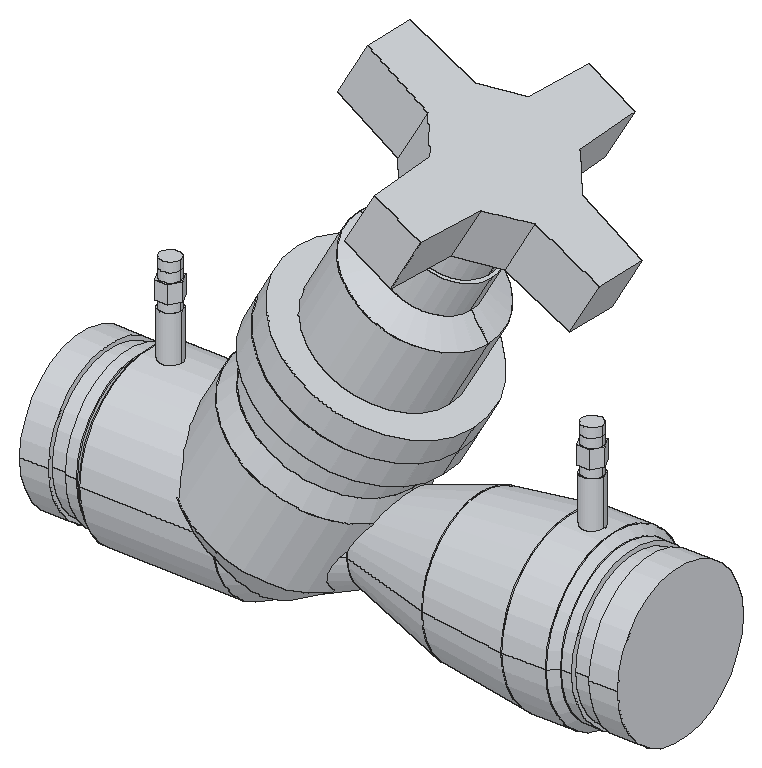
Revit family "447_d-DN065-RFA_2019", category Pipe Accessories, Revit 2019
Family settings
  Round Connector Dimension = Use Diameter
  Part Type = Valve - Breaks Into
  Work Plane-Based = No
  Always vertical = Yes
  Cut with Voids When Loaded = No
  Shared = No
Parameters (values of type "447_d-DN065")
  magiProductId = "356db372cd37496c9ff0d3ad255dc6"
  magiProductFamilyId = "eab8c084d85f47fc9aed3208e9defb"
  magiPartTypeId = 304
  isMeasuringValve [instance] = no
  ang2D [instance] = 0.00°
  W3 = 14.437 mm
  W2D = 100 mm
  W2 = 30.026 mm
  W1 = 12.736 mm
  VersionID = "2.0/2018.4.11.4/ZETKAMA_447_GROOVED_001"
  Use Minimum Symbol Size [instance] = yes
  URL = "www.hydronix.cz"
  Type Comments = "drážkový spoj; PN16; -10~+120°C;"
  R9 = 49.4 mm
  R8 = 20.9 mm
  R7 = 22.8 mm
  R6 = 45.6 mm
  R5 = 65 mm
  R4 = 20.9 mm
  R3 = 41.8 mm
  R2 = 36.1 mm
  R13 = 6.22 mm
  R12 = 4.868 mm
  R11 = 5.409 mm
  R1 = 38 mm
  R = 32.5 mm
  QmdConnectorList = "301;D;302;D"
  Productdata [instance] = ""
  Model = ""
  Manufacturer = "Hydronix"
  Maintenance Zone Under Depth [instance] = 38 mm
  Maintenance Zone Right Depth [instance] = 290 mm
  Maintenance Zone Over Depth [instance] = 220 mm
  Maintenance Zone Left Depth [instance] = 290 mm
  Maintenance Zone Front Depth [instance] = 130 mm
  Maintenance Zone Back Depth [instance] = 130 mm
  Maintenance Zone Front Visibility [instance] = no
  MC Product Code = "447 065 d (DN65; PN16 kvs83,3)"
  MC Piping Given Pressure Drop [instance] = 0.0 Pa
  L9 = 43.27 mm
  L8__ve = -L8  # -21.635 mm
  L8 = 21.635 mm
  L6 = 64.905 mm
  L5 = 4.143 mm
  L4__ve = -L4  # -5.524 mm
  L4 = 5.524 mm
  L3__ve = -L3  # -8.286 mm
  L3 = 8.286 mm
  L2__ve = -L2  # -13.81 mm
  L2D_Min = 3048 mm
  L2D = 350 mm
  L2 = 13.81 mm
  L13 = 10.817 mm
  L12 = 12.736 mm
  L11 = 14.437 mm
  L10 = 30.026 mm
  L1 = 145 mm
  KZ = 24.167 mm
  KL = 41.858 mm
  H9 = 5.774 mm
  H8 = 37.528 mm
  H7 = 14.434 mm
  H6 = 17.321 mm
  H5 = 11.547 mm
  H4 = 43.301 mm
  H17 = 8.8 mm
  H16 = 4.4 mm
  H15 = 63.8 mm
  H14 = 28.868 mm
  H13 = 21.651 mm
  H11 = 23.094 mm
  H10 = 20.207 mm
  Description = "Ruční vyvažovací ventil s drážkovým spojem"
  D = 65 mm
  CenSd_R13_6 = R13 * cos(30.00°)  # 5.387 mm
  Clearance Zone Height Depth [instance] = 220 mm
  Clearance Zone Circular Radius [instance] = 145 mm
  Clearance Zone Visibility [instance] = no
Types (10, lengths in mm): name | magiProductId | W3 | W2 | W1 | R9 | R8 | R7 | R6 | R5 | R4 | R3 | R2 | R13 | R12 | R11 | R1 | R | Maintenance Zone Under Depth | Maintenance Zone Right Depth | Maintenance Zone Over Depth | Maintenance Zone Left Depth | Maintenance Zone Front Depth | Maintenance Zone Back Depth | MC Product Code | L9 | L8__ve | L8 | L6 | L5 | L4__ve | L4 | L3__ve | L3 | L2__ve | L2 | L13 | L12 | L11 | L10 | L1 | KZ | KL | H9 | H8 | H7 | H6 | H5 | H4 | H17 | H16 | H15 | H14 | H13 | H11 | H10 | D | CenSd_R13_6 | Clearance Zone Height Depth | Clearance Zone Circular Radius
  447_d-DN100 | "e5a6bfdd9ca54003a0551f5d760c3c" | 14.437 | 30.026 | 12.736 | 74.1 | 31.35 | 34.2 | 68.4 | 65 | 31.35 | 62.7 | 54.15 | 7.507 | 5.875 | 6.528 | 57 | 50 | 57 | 350 | 240 | 350 | 130 | 130 | "447 100 d (DN100; PN16 kvs180,5)" | 52.222 | -26.111 | 26.111 | 78.333 | 5 | -6.667 | 6.667 | -10 | 10 | -16.667 | 16.667 | 13.056 | 12.736 | 14.437 | 30.026 | 175 | 29.167 | 50.518 | 6.389 | 41.531 | 15.973 | 19.168 | 12.779 | 47.92 | 9.6 | 4.8 | 86.7 | 31.947 | 23.96 | 25.557 | 22.363 | 100 | 6.501 | 240 | 175
  447_d-DN125 | "5795ec580370482d8c46e49d975863" | 14.437 | 30.026 | 12.736 | 91.65 | 38.775 | 42.3 | 84.6 | 65 | 38.775 | 77.55 | 66.975 | 8.579 | 6.714 | 7.46 | 70.5 | 62.5 | 71 | 400 | 260 | 400 | 130 | 130 | "447 125 d (DN125; PN16 kvs280,0)" | 59.683 | -29.841 | 29.841 | 89.524 | 5.714 | -7.619 | 7.619 | -11.429 | 11.429 | -19.048 | 19.048 | 14.921 | 12.736 | 14.437 | 30.026 | 200 | 33.333 | 57.735 | 7.005 | 45.534 | 17.513 | 21.016 | 14.01 | 52.539 | 10.4 | 5.2 | 103.55 | 35.026 | 26.269 | 28.021 | 24.518 | 125 | 7.43 | 260 | 200
  447_d-DN150 | "9b6b5ad10a674c51b522359e7e2d39" | 14.437 | 30.026 | 12.736 | 109.2 | 46.2 | 50.4 | 100.8 | 65 | 46.2 | 92.4 | 79.8 | 10.295 | 8.057 | 8.952 | 84 | 75 | 84 | 480 | 285 | 480 | 130 | 130 | "447 150 d (DN150; PN16 kvs383,4)" | 71.619 | -35.81 | 35.81 | 107.429 | 6.857 | -9.143 | 9.143 | -13.714 | 13.714 | -22.857 | 22.857 | 17.905 | 12.736 | 14.437 | 30.026 | 240 | 40 | 69.282 | 7.775 | 50.537 | 19.437 | 23.325 | 15.55 | 58.312 | 11.4 | 5.7 | 120.9 | 38.875 | 29.156 | 31.1 | 27.212 | 150 | 8.916 | 285 | 240
  447_d-DN200 | "f5a67fe5c2444fc986ed7f87b9a4ed" | 31.658 | 71.601 | 30.372 | 142.35 | 60.225 | 65.7 | 131.4 | 155 | 60.225 | 120.45 | 104.025 | 12.869 | 10.071 | 11.19 | 109.5 | 100 | 110 | 600 | 480 | 600 | 310 | 310 | "447 200 d (DN200; PN16 kvs710,0)" | 89.524 | -44.762 | 44.762 | 134.286 | 8.571 | -11.429 | 11.429 | -17.143 | 17.143 | -28.571 | 28.571 | 22.381 | 30.372 | 31.658 | 71.601 | 300 | 50 | 86.603 | 12.394 | 80.56 | 30.984 | 37.181 | 24.788 | 92.953 | 19.2 | 9.6 | 168.45 | 61.969 | 46.477 | 49.575 | 43.378 | 200 | 11.145 | 480 | 300
  447_d-DN250 | "7d63ae0d28f64990bc8ce3477101ef" | 31.658 | 71.601 | 30.372 | 177.45 | 75.075 | 81.9 | 163.8 | 155 | 75.075 | 150.15 | 129.675 | 15.657 | 12.254 | 13.615 | 136.5 | 125 | 137 | 730 | 525 | 730 | 310 | 310 | "447 250 d (DN250; PN16 kvs1187,5)" | 108.921 | -54.46 | 54.46 | 163.381 | 10.429 | -13.905 | 13.905 | -20.857 | 20.857 | -34.762 | 34.762 | 27.23 | 30.372 | 31.658 | 71.601 | 365 | 60.833 | 105.366 | 13.779 | 89.566 | 34.449 | 41.338 | 27.559 | 103.346 | 21 | 10.5 | 202.65 | 68.897 | 51.673 | 55.118 | 48.228 | 250 | 13.56 | 525 | 365
  447_d-DN300 | "0a2a34dba99a430aa7daf784d6b0c1" | 31.658 | 71.601 | 30.372 | 210.6 | 89.1 | 97.2 | 194.4 | 155 | 89.1 | 178.2 | 153.9 | 18.231 | 14.268 | 15.853 | 162 | 150 | 162 | 850 | 535 | 850 | 310 | 310 | "447 300 d (DN300; PN16 kvs1504,1)" | 126.825 | -63.413 | 63.413 | 190.238 | 12.143 | -16.19 | 16.19 | -24.286 | 24.286 | -40.476 | 40.476 | 31.706 | 30.372 | 31.658 | 71.601 | 425 | 70.833 | 122.687 | 14.087 | 91.568 | 35.218 | 42.262 | 28.175 | 105.655 | 21.4 | 10.7 | 231.7 | 70.437 | 52.828 | 56.349 | 49.306 | 300 | 15.789 | 535 | 425
  447_d-DN040 | "6dc4a6b5eb924103b02307904d600f" | 9.08 | 17.092 | 7.25 | 31.2 | 13.2 | 14.4 | 28.8 | 37 | 13.2 | 26.4 | 22.8 | 4.29 | 3.357 | 3.73 | 24 | 20 | 24 | 200 | 130 | 200 | 74 | 74 | "447 040 d (DN40; PN16 kvs22,36)" | 29.841 | -14.921 | 14.921 | 44.762 | 2.857 | -3.81 | 3.81 | -5.714 | 5.714 | -9.524 | 9.524 | 7.46 | 7.25 | 9.08 | 17.092 | 100 | 16.667 | 28.868 | 3.433 | 22.317 | 8.583 | 10.3 | 6.867 | 25.75 | 5.2 | 2.6 | 39.4 | 17.167 | 12.875 | 13.733 | 12.017 | 40 | 3.715 | 130 | 100
  447_d-DN050 | "b59a3d0ad4654cda90cee0c397c848" | 9.08 | 17.092 | 7.25 | 39 | 16.5 | 18 | 36 | 37 | 16.5 | 33 | 28.5 | 4.933 | 3.861 | 4.29 | 30 | 25 | 30 | 230 | 130 | 230 | 130 | 130 | "447 050 d (DN50; PN16 kvs32,15)" | 34.317 | -17.159 | 17.159 | 51.476 | 3.286 | -4.381 | 4.381 | -6.571 | 6.571 | -10.952 | 10.952 | 8.579 | 7.25 | 9.08 | 17.092 | 115 | 19.167 | 33.198 | 3.433 | 22.317 | 8.583 | 10.3 | 6.867 | 25.75 | 5.2 | 2.6 | 46 | 17.167 | 12.875 | 13.733 | 12.017 | 50 | 4.272 | 130 | 115
  447_d-DN065 | "356db372cd37496c9ff0d3ad255dc6" | 14.437 | 30.026 | 12.736 | 49.4 | 20.9 | 22.8 | 45.6 | 65 | 20.9 | 41.8 | 36.1 | 6.22 | 4.868 | 5.409 | 38 | 32.5 | 38 | 290 | 220 | 290 | 130 | 130 | "447 065 d (DN65; PN16 kvs83,3)" | 43.27 | -21.635 | 21.635 | 64.905 | 4.143 | -5.524 | 5.524 | -8.286 | 8.286 | -13.81 | 13.81 | 10.817 | 12.736 | 14.437 | 30.026 | 145 | 24.167 | 41.858 | 5.774 | 37.528 | 14.434 | 17.321 | 11.547 | 43.301 | 8.8 | 4.4 | 63.8 | 28.868 | 21.651 | 23.094 | 20.207 | 65 | 5.387 | 220 | 145
  447_d-DN080 | "f43aa02b4841429783243073d22ea7" | 14.437 | 30.026 | 12.736 | 57.85 | 24.475 | 26.7 | 53.4 | 65 | 24.475 | 48.95 | 42.275 | 6.649 | 5.204 | 5.782 | 44.5 | 40 | 45 | 310 | 220 | 310 | 130 | 130 | "447 080 d (DN80; PN16 kvs104,3)" | 46.254 | -23.127 | 23.127 | 69.381 | 4.429 | -5.905 | 5.905 | -8.857 | 8.857 | -14.762 | 14.762 | 11.563 | 12.736 | 14.437 | 30.026 | 155 | 25.833 | 44.745 | 5.774 | 37.528 | 14.434 | 17.321 | 11.547 | 43.301 | 8.8 | 4.4 | 70.95 | 28.868 | 21.651 | 23.094 | 20.207 | 80 | 5.758 | 220 | 155
Reference planes
  plane 1 "Center (Front/Back)": y = 0
  plane 2 "XYPLANE": z = 0
  plane 3 "Center (Left/Right)": x = 0
  plane 4 "159": y = 130
  plane 5 "158": y = -130
  plane 6 "157": z = -38
  plane 7 "156": z = 220
  plane 8 "155": x = -290
  plane 9 "154": x = 290
  plane 10 "132": z = 81.4
  plane 11 "125": z = 77
  plane 12 "120": z = 68.2
  plane 13 "119": z = 63.8
  plane 14 "112": x = 102.421
  plane 15 "111": x = -102.421
  plane 16 "109": y = -14.437
  plane 17 "108": y = 14.437
  plane 18 "105": through (349.78, 0, 664.08) normal (0.866, 0, -0.5)
  plane 19 "104": through (327.72, 0, 676.816) normal (0.866, 0, -0.5)
  plane 20 "103": y = -30.026
  plane 21 "102": y = -12.736
  plane 22 "101": y = 30.026
  plane 23 "100": y = 12.736
  plane 24 "99": through (326.247, 0, 677.667) normal (0.866, 0, -0.5)
  plane 25 "98": through (312.747, 0, 685.461) normal (0.866, 0, -0.5)
  plane 26 "97": through (351.253, 0, 663.229) normal (0.866, 0, -0.5)
  plane 27 "96": through (364.753, 0, 655.435) normal (0.866, 0, -0.5)
  plane 28 "95": y = -65
  plane 29 "94": y = 65
  plane 30 "93": through (395.042, 0, 637.948) normal (0.866, 0, -0.5)
  plane 31 "92": through (282.458, 0, 702.948) normal (0.866, 0, -0.5)
  plane 32 "88": x = 48.333
  plane 33 "87": x = 91.603
  plane 34 "81": through (-567.783, 0, 516.571) normal (0.5, 0, 0.866)
  plane 35 "80": through (-579.33, 0, 496.571) normal (0.5, 0, 0.866)
  plane 36 "75": through (-589.434, 0, 479.071) normal (0.5, 0, 0.866)
  plane 37 "72": through (-592.32, 0, 474.071) normal (0.5, 0, 0.866)
  plane 38 "68": through (-611.084, 0, 441.571) normal (0.5, 0, 0.866)
  plane 39 "67": through (-618.301, 0, 429.071) normal (0.5, 0, 0.866)
  plane 40 "62": through (-672.428, 0, 335.321) normal (0.5, 0, 0.866)
  plane 41 "61": through (-625.518, 0, 416.571) normal (0.5, 0, 0.866)
  plane 42 "58": through (-634.178, 0, 401.571) normal (0.5, 0, 0.866)
  plane 43 "56": through (-639.952, 0, 391.571) normal (0.5, 0, 0.866)
  plane 44 "51": y = 0
  plane 45 "49": through (338.75, 0, 670.448) normal (0.866, 0, -0.5)
  plane 46 "48": through (-661.602, 0, 354.071) normal (0.5, 0, 0.866)
  plane 47 "30": x = 113.238
  plane 48 "29": x = 117.381
  plane 49 "28": x = 122.905
  plane 50 "27": x = 131.19
  plane 51 "14": x = -48.333
  plane 52 "13": x = -113.238
  plane 53 "12": x = -117.381
  plane 54 "11": x = -122.905
  plane 55 "10": x = -131.19
  plane 56 "8": x = -145
  plane 57 "7": x = 145
  plane 58 "6": y = 0
  plane 59 "5": x = 0
  plane 60 "4": z = 0
  plane 61 "45XY": through (-649.519, 0, 375) normal (0.5, 0, 0.866)
  plane 62 "45XZ": y = 0
  plane 63 "45YZ": through (375, 0, 649.519) normal (0.866, 0, -0.5)
Forms (mm)
  Blend 1, solid, visible <- "Maintenance Zone Front Visibility"
    base sketch origin (-750, 0, -38) x (1, 0, 0) y (0, 1, 0)
      loop
        line (460, 130) -> (460, -130) -> (1040, -130) -> (1040, 130) -> (460, 130)
    top sketch origin (-750, 0, -38) x (1, 0, 0) y (0, 1, 0)
      loop
        line (460, 130) -> (460, -130) -> (1040, -130) -> (1040, 130) -> (460, 130)
    from 0 to 258
  Extrusion 2, solid, visible <- "Clearance Zone Visibility"
    sketch origin (-750, 0, 0) x (1, 0, 0) y (0, 1, 0)
      loop
        circle (750, 0) r 145
    from 0 to 220 <- "Clearance Zone Height Depth"
  Extrusion 3, solid
    sketch origin (-750, 0, 81.4) x (1, 0, 0) y (0, 1, 0)
      loop
        circle (852.421, 0) r 4.868
    from 0 to 4.4 <- "H16"
  Extrusion 4, solid
    sketch origin (-750, 0, 77) x (1, 0, 0) y (0, 1, 0)
      loop
        circle (852.421, 0) r 4.868
    from 0 to 4.4 <- "H16"
  Extrusion 5, solid
    sketch origin (-750, 0, 81.4) x (1, 0, 0) y (0, 1, 0)
      loop
        circle (647.579, 0) r 4.868
    from 0 to 4.4 <- "H16"
  Extrusion 6, solid
    sketch origin (-750, 0, 77) x (1, 0, 0) y (0, 1, 0)
      loop
        circle (647.579, 0) r 4.868
    from 0 to 4.4 <- "H16"
  Extrusion 7, solid
    sketch origin (-750, 0, 68.2) x (1, 0, 0) y (0, 1, 0)
      loop
        line (858.641, 0) -> (855.531, 5.387) -> (849.311, 5.387) -> (846.201, 0) -> (849.311, -5.387) -> (855.531, -5.387) -> (858.641, 0)
    from 0 to 8.8 <- "H17"
  Extrusion 8, solid
    sketch origin (-750, 0, 68.2) x (1, 0, 0) y (0, 1, 0)
      loop
        line (653.799, 0) -> (650.689, 5.387) -> (644.469, 5.387) -> (641.359, 0) -> (644.469, -5.387) -> (650.689, -5.387) -> (653.799, 0)
    from 0 to 8.8 <- "H17"
  Extrusion 9, solid
    sketch origin (-750, 0, 63.8) x (1, 0, 0) y (0, 1, 0)
      loop
        circle (852.421, 0) r 4.868
    from 0 to 4.4 <- "H16"
  Extrusion 10, solid
    sketch origin (-750, 0, 63.8) x (1, 0, 0) y (0, 1, 0)
      loop
        circle (647.579, 0) r 4.868
    from 0 to 4.4 <- "H16"
  Extrusion 11, solid
    sketch origin (-750, 0, 0) x (1, 0, 0) y (0, 1, 0)
      loop
        circle (852.421, 0) r 5.409
    from 0 to 63.8 <- "H15"
  Extrusion 12, solid
    sketch origin (-750, 0, 0) x (1, 0, 0) y (0, 1, 0)
      loop
        circle (647.579, 0) r 5.409
    from 0 to 63.8 <- "H15"
  Extrusion 13, solid
    sketch origin (-567.783, 0, 516.571) x (0.866025, 0, -0.5) y (0, 1, 0)
      loop
        line (643.142, 12.736) -> (643.142, -12.736) -> (678.116, -14.437) -> (693.705, -30.026) -> (695.406, -65) -> (720.879, -65) -> (722.579, -30.026) -> (738.168, -14.437) -> (773.142, -12.736) -> (773.142, 12.736) -> (738.168, 14.437) -> (722.579, 30.026) -> (720.879, 65) -> (695.406, 65) -> (693.705, 30.026) -> (678.116, 14.437) -> (643.142, 12.736)
    from 0 to 28.868 <- "H14"
  Blend 14, solid
    base sketch origin (91.603, -750, 0) x (0, 1, 0) y (0, 0, 1)
      loop
        circle (750, 0) r 41.8
    top sketch origin (91.603, -750, 0) x (0, 1, 0) y (0, 0, 1)
      loop
        circle (750, 0) r 36.1
    from 0 to -43.27
  Extrusion 15, solid
    sketch origin (-618.301, 0, 429.071) x (0.866025, 0, -0.5) y (0, 1, 0)
      loop
        circle (708.142, 0) r 49.4
    from 0 to 14.434 <- "H7"
  Extrusion 16, solid
    sketch origin (-625.518, 0, 416.571) x (0.866025, 0, -0.5) y (0, 1, 0)
      loop
        circle (708.142, 0) r 49.4
    from 0 to 14.434 <- "H7"
  Extrusion 17, solid
    sketch origin (-579.33, 0, 496.571) x (0.866025, 0, -0.5) y (0, 1, 0)
      loop
        circle (708.142, 0) r 20.9
    from 0 to 23.094 <- "H11"
  Blend 18, solid
    base sketch origin (-592.32, 0, 474.071) x (0.866025, 0, -0.5) y (0, 1, 0)
      loop
        circle (708.142, 0) r 36.1
    top sketch origin (-592.32, 0, 474.071) x (0.866025, 0, -0.5) y (0, 1, 0)
      loop
        circle (708.142, 0) r 22.8
    from 0 to 5.774
  Extrusion 19, solid
    sketch origin (-611.084, 0, 441.571) x (0.866025, 0, -0.5) y (0, 1, 0)
      loop
        circle (708.142, 0) r 36.1
    from 0 to 37.528 <- "H8"
  Extrusion 20, solid
    sketch origin (-589.434, 0, 479.071) x (0.866025, 0, -0.5) y (0, 1, 0)
      loop
        circle (708.142, 0) r 22.8
    from 0 to 20.207 <- "H10"
  Blend 21, solid
    base sketch origin (-661.602, 0, 354.071) x (0.866025, 0, -0.5) y (0, 1, 0)
      loop
        circle (708.142, 0) r 45.6
    top sketch origin (-661.602, 0, 354.071) x (0.866025, 0, -0.5) y (0, 1, 0)
      loop
        circle (708.142, 0) r 32.5
    from 0 to -21.651
  Extrusion 22, solid
    sketch origin (-634.178, 0, 401.571) x (0.866025, 0, -0.5) y (0, 1, 0)
      loop
        circle (708.142, 0) r 41.8
    from 0 to 17.321 <- "H6"
  Blend 23, solid
    base sketch origin (-639.952, 0, 391.571) x (0.866025, 0, -0.5) y (0, 1, 0)
      loop
        circle (708.142, 0) r 45.6
    top sketch origin (-639.952, 0, 391.571) x (0.866025, 0, -0.5) y (0, 1, 0)
      loop
        circle (708.142, 0) r 41.8
    from 0 to 11.547
  Extrusion 24, solid
    sketch origin (-661.602, 0, 354.071) x (0.866025, 0, -0.5) y (0, 1, 0)
      loop
        circle (708.142, 0) r 45.6
    from 0 to 43.301 <- "H4"
  Extrusion 25, solid
    sketch origin (145, -750, 0) x (0, 1, 0) y (0, 0, 1)
      loop
        circle (750, 0) r 38
    from 0 to -13.81 <- "L2__ve"
  Extrusion 26, solid
    sketch origin (131.19, -750, 0) x (0, 1, 0) y (0, 0, 1)
      loop
        circle (750, 0) r 36.1
    from 0 to -8.286 <- "L3__ve"
  Extrusion 27, solid
    sketch origin (122.905, -750, 0) x (0, 1, 0) y (0, 0, 1)
      loop
        circle (750, 0) r 38
    from 0 to -5.524 <- "L4__ve"
  Blend 28, solid
    base sketch origin (117.381, -750, 0) x (0, 1, 0) y (0, 0, 1)
      loop
        circle (750, 0) r 38
    top sketch origin (117.381, -750, 0) x (0, 1, 0) y (0, 0, 1)
      loop
        circle (750, 0) r 41.8
    from 0 to -4.143
  Extrusion 29, solid
    sketch origin (113.238, -750, 0) x (0, 1, 0) y (0, 0, 1)
      loop
        circle (750, 0) r 41.8
    from 0 to -21.635 <- "L8__ve"
  Blend 30, solid
    base sketch origin (48.333, -750, 0) x (0, 1, 0) y (0, 0, 1)
      loop
        circle (750, 0) r 36.1
    top sketch origin (48.333, -750, 0) x (0, 1, 0) y (0, 0, 1)
      loop
        circle (750, 0) r 20.9
    from 0 to -48.333
  Blend 31, solid
    base sketch origin (-48.333, -750, 0) x (0, 1, 0) y (0, 0, 1)
      loop
        circle (750, 0) r 41.8
    top sketch origin (-48.333, -750, 0) x (0, 1, 0) y (0, 0, 1)
      loop
        circle (750, 0) r 20.9
    from 0 to 48.333
  Extrusion 32, solid
    sketch origin (-113.238, -750, 0) x (0, 1, 0) y (0, 0, 1)
      loop
        circle (750, 0) r 41.8
    from 0 to 64.905 <- "L6"
  Blend 33, solid
    base sketch origin (-117.381, -750, 0) x (0, 1, 0) y (0, 0, 1)
      loop
        circle (750, 0) r 38
    top sketch origin (-117.381, -750, 0) x (0, 1, 0) y (0, 0, 1)
      loop
        circle (750, 0) r 41.8
    from 0 to 4.143
  Extrusion 34, solid
    sketch origin (-122.905, -750, 0) x (0, 1, 0) y (0, 0, 1)
      loop
        circle (750, 0) r 38
    from 0 to 5.524 <- "L4"
  Extrusion 35, solid
    sketch origin (-131.19, -750, 0) x (0, 1, 0) y (0, 0, 1)
      loop
        circle (750, 0) r 36.1
    from 0 to 8.286 <- "L3"
  Extrusion 36, solid
    sketch origin (-145, -750, 0) x (0, 1, 0) y (0, 0, 1)
      loop
        circle (750, 0) r 38
    from 0 to 13.81 <- "L2"
  Extrusion 37, solid, not visible
    sketch origin (-145, -750, 0) x (0, 1, 0) y (0, 0, 1)
      loop
        circle (750, 0) r 10
    from 0 to 10
  Extrusion 38, solid, not visible
    sketch origin (145, -750, 0) x (0, 1, 0) y (0, 0, 1)
      loop
        circle (750, 0) r 10
    from 0 to -10
Lines and regions (mm)
  reference lines, not visible
    curve 1: circle (2, 2, 0) r 1 normal (0, 0, 1)
  reference lines
    curve 2: line (102.421, 0, 68.2) -> (100.544, 3.251, 68.2)
    curve 3: line (102.421, 0, 68.2) -> (98.667, 0, 68.2)
    curve 4: line (102.421, 0, 68.2) -> (100.544, -3.251, 68.2)
    curve 5: line (-102.421, 0, 68.2) -> (-104.297, 3.251, 68.2)
    curve 6: line (-102.421, 0, 68.2) -> (-106.174, 0, 68.2)
    curve 7: line (-102.421, 0, 68.2) -> (-104.297, -3.251, 68.2)
Dimensions and locks
  plane 1 "Center (Front/Back)" to curve 1 = 2 mm
  "Maintenance Zone Back Depth": plane 1 "Center (Front/Back)" to plane 4 "159"
  "Maintenance Zone Front Depth": plane 1 "Center (Front/Back)" to plane 5 "158"
  "Maintenance Zone Under Depth": plane 2 "XYPLANE" to plane 6 "157"
  "Maintenance Zone Over Depth": plane 2 "XYPLANE" to plane 7 "156"
  "Maintenance Zone Left Depth": plane 3 "Center (Left/Right)" to plane 8 "155"
  "Maintenance Zone Right Depth": plane 3 "Center (Left/Right)" to plane 9 "154"
  "H16": plane 11 "125" to plane 10 "132"
  "H17": plane 12 "120" to plane 11 "125"
  "H16": plane 13 "119" to plane 12 "120"
  "H15": plane 2 "XYPLANE" to plane 13 "119"
  "L13": plane 47 "30" to plane 14 "112"
  "L13": plane 52 "13" to plane 15 "111"
  "W3": plane 44 "51" to plane 16 "109"
  "W3": plane 44 "51" to plane 17 "108"
  "L12": plane 45 "49" to plane 18 "105"
  "L12": plane 45 "49" to plane 19 "104"
  "W2": plane 58 "6" to plane 20 "103"
  "W1": plane 58 "6" to plane 21 "102"
  "W2": plane 58 "6" to plane 22 "101"
  "W1": plane 58 "6" to plane 23 "100"
  "L11": plane 45 "49" to plane 24 "99"
  "L10": plane 45 "49" to plane 25 "98"
  "L11": plane 45 "49" to plane 26 "97"
  "L10": plane 45 "49" to plane 27 "96"
  "R5": plane 58 "6" to plane 28 "95"
  "R5": plane 58 "6" to plane 29 "94"
  "R5": plane 45 "49" to plane 30 "93"
  "R5": plane 45 "49" to plane 31 "92"
  "L9": plane 33 "87" to plane 32 "88"
  "L8": plane 47 "30" to plane 33 "87"
  "H11": plane 35 "80" to plane 34 "81"
  "H10": plane 36 "75" to plane 35 "80"
  "H9": plane 37 "72" to plane 36 "75"
  "H8": plane 38 "68" to plane 37 "72"
  "H7": plane 39 "67" to plane 38 "68"
  "H7": plane 41 "61" to plane 39 "67"
  "H13": plane 46 "48" to plane 40 "62"
  "H6": plane 42 "58" to plane 41 "61"
  "H5": plane 43 "56" to plane 42 "58"
  "H4": plane 46 "48" to plane 43 "56"
  locked: plane 58 "6" to plane 44 "51"
  "KL": plane 63 "45YZ" to plane 45 "49"
  "KZ": plane 61 "45XY" to plane 46 "48"
  "L5": plane 48 "29" to plane 47 "30"
  "L4": plane 49 "28" to plane 48 "29"
  "L3": plane 50 "27" to plane 49 "28"
  "L2": plane 57 "7" to plane 50 "27"
  "L6": plane 52 "13" to plane 51 "14"
  "L5": plane 53 "12" to plane 52 "13"
  "L4": plane 54 "11" to plane 53 "12"
  "L3": plane 55 "10" to plane 54 "11"
  "L2": plane 56 "8" to plane 55 "10"
  "L1": plane 3 "Center (Left/Right)" to plane 56 "8"
  "L1": plane 3 "Center (Left/Right)" to plane 57 "7"
  locked: plane 1 "Center (Front/Back)" to plane 58 "6"
  locked: plane 3 "Center (Left/Right)" to plane 59 "5"
  locked: plane 2 "XYPLANE" to plane 60 "4"
  Blend 1 sketch curve to Blend 1 sketch curve = 0 mm  (x16)
  "CenSd_R13_6": curve 2 to Extrusion 7 sketch curve  (x2)
  "CenSd_R13_6": curve 3 to Extrusion 7 sketch curve  (x2)
  "CenSd_R13_6": curve 4 to Extrusion 7 sketch curve  (x2)
  Extrusion 7 sketch curve to Extrusion 7 sketch curve = 0 mm  (x12)
  "CenSd_R13_6": curve 5 to Extrusion 8 sketch curve  (x2)
  "CenSd_R13_6": curve 6 to Extrusion 8 sketch curve  (x2)
  "CenSd_R13_6": curve 7 to Extrusion 8 sketch curve  (x2)
  Extrusion 8 sketch curve to Extrusion 8 sketch curve = 0 mm  (x12)
  Extrusion 13 sketch curve to Extrusion 13 sketch curve = 0 mm  (x32)
  "Clearance Zone Circular Radius": radius of Extrusion 2 sketch curve
  "R12": radius of Extrusion 3 sketch curve
  "R12": radius of Extrusion 4 sketch curve
  "R12": radius of Extrusion 5 sketch curve
  "R12": radius of Extrusion 6 sketch curve
  "R12": radius of Extrusion 9 sketch curve
  "R12": radius of Extrusion 10 sketch curve
  "R11": radius of Extrusion 11 sketch curve
  "R11": radius of Extrusion 12 sketch curve
  "R2": radius of Blend 14 sketch curve
  "R3": radius of Blend 14 sketch curve
  "R9": radius of Extrusion 15 sketch curve
  "R9": radius of Extrusion 16 sketch curve
  "R8": radius of Extrusion 17 sketch curve
  "R7": radius of Blend 18 sketch curve
  "R2": radius of Blend 18 sketch curve
  "R2": radius of Extrusion 19 sketch curve
  "R7": radius of Extrusion 20 sketch curve
  "R": radius of Blend 21 sketch curve
  "R6": radius of Blend 21 sketch curve
  "R3": radius of Extrusion 22 sketch curve
  "R3": radius of Blend 23 sketch curve
  "R6": radius of Blend 23 sketch curve
  "R6": radius of Extrusion 24 sketch curve
  "R1": radius of Extrusion 25 sketch curve
  "R2": radius of Extrusion 26 sketch curve
  "R1": radius of Extrusion 27 sketch curve
  "R3": radius of Blend 28 sketch curve
  "R1": radius of Blend 28 sketch curve
  "R3": radius of Extrusion 29 sketch curve
  "R4": radius of Blend 30 sketch curve
  "R2": radius of Blend 30 sketch curve
  "R4": radius of Blend 31 sketch curve
  "R3": radius of Blend 31 sketch curve
  "R3": radius of Extrusion 32 sketch curve
  "R3": radius of Blend 33 sketch curve
  "R1": radius of Blend 33 sketch curve
  "R1": radius of Extrusion 34 sketch curve
  "R2": radius of Extrusion 35 sketch curve
  "R1": radius of Extrusion 36 sketch curve
  locked: curve 3 to curve 2 (angle 60.00°)
  locked: curve 4 to curve 3 (angle 60.00°)
  locked: curve 4 to curve 2 (angle 120.00°)
  locked: curve 6 to curve 5 (angle 60.00°)
  locked: curve 7 to curve 6 (angle 60.00°)
  locked: curve 7 to curve 5 (angle 120.00°)
  aligned and locked: level to plane 2 "XYPLANE"
  aligned and locked: Blend 1 sketch curve to plane 8 "155"  (x2)
  aligned and locked: plane 4 "159" to Blend 1 sketch curve  (x4)
  aligned and locked: plane 5 "158" to Blend 1 sketch curve  (x4)
  aligned and locked: plane 8 "155" to Blend 1 sketch curve  (x2)
  aligned and locked: plane 9 "154" to Blend 1 sketch curve  (x4)
  aligned and locked: plane 7 "156" to Blend 1
  aligned and locked: plane 58 "6" to Extrusion 2 sketch curve
  aligned and locked: plane 59 "5" to Extrusion 2 sketch curve
  aligned and locked: plane 14 "112" to Extrusion 3 sketch curve
  aligned and locked: plane 58 "6" to Extrusion 3 sketch curve
  aligned and locked: plane 14 "112" to Extrusion 4 sketch curve
  aligned and locked: plane 58 "6" to Extrusion 4 sketch curve
  aligned and locked: plane 15 "111" to Extrusion 5 sketch curve
  aligned and locked: plane 58 "6" to Extrusion 5 sketch curve
  aligned and locked: plane 15 "111" to Extrusion 6 sketch curve
  aligned and locked: plane 58 "6" to Extrusion 6 sketch curve
  aligned and locked: plane 14 "112" to curve 4
  aligned and locked: plane 58 "6" to curve 4
  aligned and locked: plane 15 "111" to curve 6
  aligned and locked: plane 58 "6" to curve 6
  aligned and locked: plane 14 "112" to Extrusion 9 sketch curve
  aligned and locked: plane 58 "6" to Extrusion 9 sketch curve
  aligned and locked: plane 15 "111" to Extrusion 10 sketch curve
  aligned and locked: plane 58 "6" to Extrusion 10 sketch curve
  aligned and locked: plane 14 "112" to Extrusion 11 sketch curve
  aligned and locked: plane 58 "6" to Extrusion 11 sketch curve
  aligned and locked: plane 15 "111" to Extrusion 12 sketch curve
  aligned and locked: plane 58 "6" to Extrusion 12 sketch curve
  aligned and locked: Extrusion 13 sketch curve to plane 31 "92"  (x2)
  aligned and locked: plane 23 "100" to Extrusion 13 sketch curve  (x2)
  aligned and locked: plane 21 "102" to Extrusion 13 sketch curve  (x2)
  aligned and locked: plane 16 "109" to Extrusion 13 sketch curve  (x2)
  aligned and locked: Extrusion 13 sketch curve to plane 25 "98"
  aligned and locked: plane 20 "103" to Extrusion 13 sketch curve  (x2)
  aligned and locked: Extrusion 13 sketch curve to plane 24 "99"
  aligned and locked: plane 28 "95" to Extrusion 13 sketch curve  (x2)
  aligned and locked: Extrusion 13 sketch curve to plane 19 "104"
  aligned and locked: Extrusion 13 sketch curve to plane 18 "105"
  aligned and locked: Extrusion 13 sketch curve to plane 26 "97"
  aligned and locked: Extrusion 13 sketch curve to plane 27 "96"
  aligned and locked: Extrusion 13 sketch curve to plane 30 "93"
  aligned and locked: plane 30 "93" to Extrusion 13 sketch curve
  aligned and locked: plane 17 "108" to Extrusion 13 sketch curve  (x2)
  aligned and locked: plane 27 "96" to Extrusion 13 sketch curve
  aligned and locked: plane 22 "101" to Extrusion 13 sketch curve  (x2)
  aligned and locked: plane 26 "97" to Extrusion 13 sketch curve
  aligned and locked: plane 18 "105" to Extrusion 13 sketch curve
  aligned and locked: plane 29 "94" to Extrusion 13 sketch curve  (x2)
  aligned and locked: plane 19 "104" to Extrusion 13 sketch curve
  aligned and locked: plane 24 "99" to Extrusion 13 sketch curve
  aligned and locked: plane 25 "98" to Extrusion 13 sketch curve
  aligned and locked: Blend 14 sketch curve to plane 58 "6"  (x2)
  aligned and locked: plane 60 "4" to Blend 14 sketch curve  (x2)
  aligned and locked: Blend 14 to plane 32 "88"
  aligned and locked: plane 44 "51" to Extrusion 15 sketch curve
  aligned and locked: Extrusion 15 sketch curve to plane 45 "49"
  aligned and locked: plane 44 "51" to Extrusion 16 sketch curve
  aligned and locked: Extrusion 16 sketch curve to plane 45 "49"
  aligned and locked: plane 44 "51" to Extrusion 17 sketch curve
  aligned and locked: Extrusion 17 sketch curve to plane 45 "49"
  aligned and locked: plane 44 "51" to Blend 18 sketch curve  (x2)
  aligned and locked: Blend 18 sketch curve to plane 45 "49"  (x2)
  aligned and locked: plane 36 "75" to Blend 18
  aligned and locked: plane 44 "51" to Extrusion 19 sketch curve
  aligned and locked: Extrusion 19 sketch curve to plane 45 "49"
  aligned and locked: plane 44 "51" to Extrusion 20 sketch curve
  aligned and locked: Extrusion 20 sketch curve to plane 45 "49"
  aligned and locked: plane 44 "51" to Blend 21 sketch curve  (x2)
  aligned and locked: Blend 21 sketch curve to plane 45 "49"  (x2)
  aligned and locked: Blend 21 to plane 40 "62"
  aligned and locked: plane 44 "51" to Extrusion 22 sketch curve
  aligned and locked: Extrusion 22 sketch curve to plane 45 "49"
  aligned and locked: plane 44 "51" to Blend 23 sketch curve  (x2)
  aligned and locked: Blend 23 sketch curve to plane 45 "49"  (x2)
  aligned and locked: plane 42 "58" to Blend 23
  aligned and locked: plane 44 "51" to Extrusion 24 sketch curve
  aligned and locked: Extrusion 24 sketch curve to plane 45 "49"
  aligned and locked: Extrusion 25 sketch curve to plane 58 "6"
  aligned and locked: plane 60 "4" to Extrusion 25 sketch curve
  aligned and locked: Extrusion 26 sketch curve to plane 58 "6"
  aligned and locked: plane 60 "4" to Extrusion 26 sketch curve
  aligned and locked: Extrusion 27 sketch curve to plane 58 "6"
  aligned and locked: plane 60 "4" to Extrusion 27 sketch curve
  aligned and locked: Blend 28 sketch curve to plane 58 "6"  (x2)
  aligned and locked: plane 60 "4" to Blend 28 sketch curve  (x2)
  aligned and locked: Blend 28 to plane 47 "30"
  aligned and locked: Extrusion 29 sketch curve to plane 58 "6"
  aligned and locked: plane 60 "4" to Extrusion 29 sketch curve
  aligned and locked: Blend 30 sketch curve to plane 58 "6"  (x2)
  aligned and locked: plane 60 "4" to Blend 30 sketch curve  (x2)
  aligned and locked: Blend 30 to plane 59 "5"
  aligned and locked: Blend 31 sketch curve to plane 58 "6"  (x2)
  aligned and locked: plane 60 "4" to Blend 31 sketch curve  (x2)
  aligned and locked: plane 59 "5" to Blend 31
  aligned and locked: Extrusion 32 sketch curve to plane 58 "6"
  aligned and locked: plane 60 "4" to Extrusion 32 sketch curve
  aligned and locked: Blend 33 sketch curve to plane 58 "6"  (x2)
  aligned and locked: plane 60 "4" to Blend 33 sketch curve  (x2)
  aligned and locked: plane 52 "13" to Blend 33
  aligned and locked: Extrusion 34 sketch curve to plane 58 "6"
  aligned and locked: plane 60 "4" to Extrusion 34 sketch curve
  aligned and locked: Extrusion 35 sketch curve to plane 58 "6"
  aligned and locked: plane 60 "4" to Extrusion 35 sketch curve
  aligned and locked: Extrusion 36 sketch curve to plane 58 "6"
  aligned and locked: plane 60 "4" to Extrusion 36 sketch curve
  aligned and locked: Extrusion 37 sketch curve to plane 58 "6"
  aligned and locked: plane 60 "4" to Extrusion 37 sketch curve
  aligned and locked: Extrusion 38 sketch curve to plane 58 "6"
  aligned and locked: plane 60 "4" to Extrusion 38 sketch curve
Automatic sketch dimensions
  plane 21 "102" to Extrusion 37 sketch curve = 2.736 mm
  plane 21 "102" to Extrusion 38 sketch curve = 2.736 mm
  plane 3 "Center (Left/Right)" to curve 1 = 2 mm
  radius of curve 1 = 1 mm
Connectors
  piping at (-145, 0, 0), diameter 65, driven by "D"
    settings: on Extrusion 37, index 1, connector inside diameter 609.6 mm, connector length 0 mm, flow factor 0, pipe flow 0.0 L/s, pressure drop 0.0 Pa, fitting loss kfactor 0, connector angle 0.00°, fixture units 0, engagement length 0 mm, angle of deflection 0.00°, flow configuration 0, flow direction 0, fitting loss method 0, system type 29, joint type 0, gender type 0, connector reference index 2, connector utility 0, adjustable connector no, is connector primary yes, connector description ""
  piping at (145, 0, 0), diameter 65, driven by "D"
    settings: on Extrusion 38, index 2, connector inside diameter 609.6 mm, connector length 0 mm, flow factor 0, pipe flow 0.0 L/s, pressure drop 0.0 Pa, fitting loss kfactor 0, connector angle 0.00°, fixture units 0, engagement length 0 mm, angle of deflection 0.00°, flow configuration 0, flow direction 0, fitting loss method 0, system type 29, joint type 0, gender type 0, connector reference index 1, connector utility 0, adjustable connector no, is connector primary no, connector description ""
